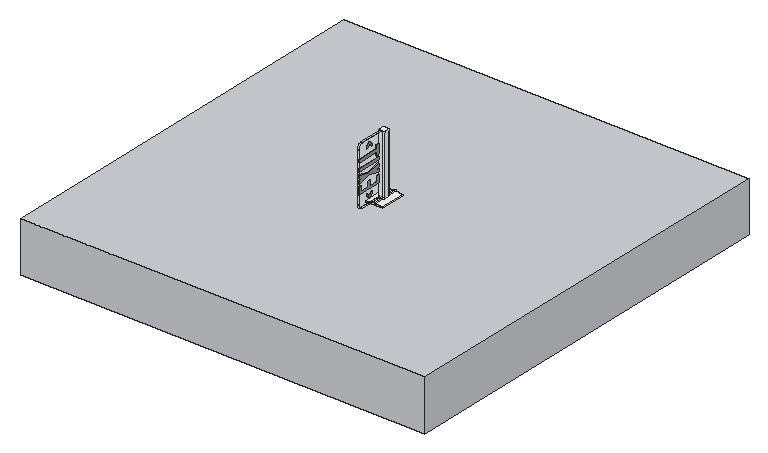
Revit family "LES_E", category Lighting Fixtures, host Face, Revit 2012
Parameters (values of type "LES-E")
  Wattage Comments = "2.2-5 W"
  Wattage = 5 W
  built-in parameter 1150110 = 1 (stored number, unit not read)
  URL = "http://www.dual-lite.com/"
  built-in parameter 1114217 = 1 (stored number, unit not read)
  built-in parameter 1150109 = 1 (stored number, unit not read)
  built-in parameter 1150134 = 3
  built-in parameter 1150113 = 1 (stored number, unit not read)
  Product Page URL = "http://www.dual-lite.com/products/lf_les/"
  Product Documentation Link = "http://www.dual-lite.com/content/products/specs/specs_files/dlt_le_specsht.pdf"
  Mounting = "End Mount"  # constant formula
  Model = "LES"  # constant formula
  Manufacturer Phone = "(864)-678-1000"  # constant formula
  Manufacturer Fax = "(864)-678-1415"  # constant formula
  Manufacturer = "Dual-Lite"  # constant formula
  built-in parameter 1150105 = 59.103 (stored number, unit not read)
  Lumens = 742.71 lm
  built-in parameter 1150115 = 1 (stored number, unit not read)
  Light Source Symbol Size = 0.250"
  built-in parameter 1150137 = (empty or 0)
  built-in parameter 1150139 = (empty or 0)
  Lettering = Red
  built-in parameter 1150112 = 1 (stored number, unit not read)
  built-in parameter 1150114 = 1 (stored number, unit not read)
  Lamp = "LED"  # constant formula
  built-in parameter 1150132 = (empty or 0)
  built-in parameter 1150102 = (empty or 0)
  built-in parameter 1150107 = 3200 (stored number, unit not read)
  built-in parameter 1150138 = (empty or 0)
  built-in parameter 1150106 = 0.59103 (stored number, unit not read)
  Glass = Glass
  Family = "Emergency Lighting"  # constant formula
  Emit from Line Length = 13.000"
  built-in parameter 1150104 = 13.8 (stored number, unit not read)
  Dimming Lamp Color Temperature Shift = <None>
  Description = "Recessed Mounting Architectural Edge-Lit LED Exit Signs"  # constant formula
  Default Elevation = 48.000"
  Color Filter = 16777215
  built-in parameter 1114218 = 1 (stored number, unit not read)
  Backbox = White
  built-in parameter 1150133 = 10 (stored number, unit not read)
Reference planes (in)
  plane 1 "Center (Front/Back)": y = 0.03999
  plane 2: z = 0.06357
  plane 3 "Center (Left/Right)": x = 0
  plane 4: x = -8.375
  plane 5: x = 8.375
  plane 6: z = 7.56357
  plane 7: x = -7
  plane 8: x = 7
  plane 9: z = 0.57048
  plane 10: y = -4.00905
  plane 11: y = -4.00905
  plane 12: x = 0.30306
  plane 13: z = 14.82802
Forms (in)
  Extrusion 1, solid
    sketch origin (0, 0, 0.06357) x (1, 0, 0) y (0, 1, 0)
      loop
        line (-48, 48) -> (-48, -48) -> (48, -48) -> (48, 48) -> (-48, 48)
    from 0 to -12
  Extrusion 2, solid, material "White" <- "Backbox"
    sketch origin (0.41886, 0.05515, 7.82802) x (1, 0, 0) y (0, 1, 0)
      loop
        arc (0.22676, 0.4929) -> (0.16818, 0.63433) -> (0.02676, 0.6929) r 0.2
        line (0.02676, 0.6929) -> (-0.94824, 0.6929)
        arc (-0.94824, 0.6929) -> (-1.08966, 0.63433) -> (-1.14824, 0.4929) r 0.2
        line (-1.14824, 0.4929) -> (-1.14824, -0.72493)
        arc (-1.14824, -0.72493) -> (-1.08966, -0.86635) -> (-0.94824, -0.92493) r 0.2
        line (-0.94824, -0.92493) -> (0.02676, -0.92493)
        arc (0.02676, -0.92493) -> (0.16818, -0.86635) -> (0.22676, -0.72493) r 0.2
        line (0.22676, -0.72493) -> (0.22676, 0.4929)
    from -7.25754 to 7
  Extrusion 3, solid, material "Glass" <- "Glass"
    sketch origin (-0.04188, -7.90395, 7.82802) x (0, 0, -1) y (0, -1, 0)
      loop
        line (-7, -7.152) -> (7, -7.152) -> (7, -1.37754)
        arc (7, -1.37754) -> (6.67609, -0.59556) -> (5.89411, -0.27165) r 1.10589
        arc (5.89411, -0.27165) -> (0, -0.04018) -> (-5.89411, -0.27165) r 75.15963
        arc (-5.89411, -0.27165) -> (-6.67609, -0.59556) -> (-7, -1.37754) r 1.10589
        line (-7, -1.37754) -> (-7, -7.152)
    from 0.25 to -0.25
  Extrusion 4, solid, material "Red" <- "Lettering"
    sketch origin (-0.06692, -9.0572, 7.85241) x (0, 0, -1) y (0, -1, 0)
      loop
        line (3.5363, -7.32353) -> (2.35428, -7.32353) -> (2.35428, -7.82353) -> (4.0363, -7.82353) -> (4.0363, -4.92704) -> (4.0363, -2.03056) -> (2.35428, -2.03056) -> (2.35428, -2.53056) -> (3.5363, -2.53056) -> (3.5363, -4.61247) -> (2.35428, -4.61247) -> (2.35428, -4.92704) -> (2.35428, -5.24161) -> (3.5363, -5.24161) -> (3.5363, -7.32353)
      loop
        line (1.75358, -7.82243) -> (1.08513, -4.92704) -> (1.75358, -2.03165) -> (1.09829, -2.03165) -> (0.81025, -2.82304) -> (0.52221, -2.03165) -> (-0.13308, -2.03165) -> (0.53537, -4.92704) -> (-0.13308, -7.82243) -> (0.52221, -7.82243) -> (0.81025, -7.03104) -> (1.09829, -7.82243) -> (1.75358, -7.82243)
      loop
        line (-0.89572, -7.82353) -> (-0.89572, -2.03165) -> (-1.49555, -2.03165) -> (-1.49555, -7.82353) -> (-0.89572, -7.82353)
      loop
        line (-2.87478, -7.16714) -> (-2.87478, -2.03056) -> (-3.47461, -2.03056) -> (-3.47461, -7.16714) -> (-4.34338, -7.16714) -> (-4.34338, -7.82243) -> (-2.09338, -7.82243) -> (-2.09338, -7.16714) -> (-2.87478, -7.16714)
    from 0.36997 to 0.22497
  Extrusion 5, solid, material "Red"
    sketch origin (0.01307, -0.98536, 8.05425) x (0, 0, -1) y (0, -1, 0)
      loop
        line (-4.97072, 3.79907) -> (-5.7461, 3.02369) -> (-4.97072, 2.24831) -> (-4.58478, 2.24831) -> (-5.36016, 3.02369) -> (-4.58478, 3.79907) -> (-4.97072, 3.79907)
      loop
        line (5.42318, 3.79907) -> (5.03724, 3.79907) -> (5.81262, 3.02369) -> (5.03724, 2.24831) -> (5.42318, 2.24831) -> (6.19856, 3.02369) -> (5.42318, 3.79907)
    from 0.44996 to 0.30495
  Extrusion 6, solid, material "White" <- "Backbox"
    sketch origin (0.03999, 0.00351, 0.10061) x (-1, 0, 0) y (0, 0, -1)
      loop
        line (2.03999, 0.03704) -> (-1.96001, 0.03704) -> (-1.96001, -0.17249) -> (-0.21001, -0.29486) -> (-0.21001, -0.46987) -> (0.28999, -0.46987) -> (0.28999, -0.29713) -> (2.03999, -0.17476) -> (2.03999, 0.03704)
    from -3.0625 to 3.0625
Dimensions and locks (in)
  locked: plane 4 to plane 3 "Center (Left/Right)" at 8.375
  locked: plane 5 to plane 3 "Center (Left/Right)" at 8.375
  plane 4 to plane 7 to plane 3 "Center (Left/Right)" = 1.375", 7.000"
  plane 5 to plane 8 to plane 3 "Center (Left/Right)" = 1.375", 7.000"
  locked: level to Extrusion 2 at 14.76445
  locked: Extrusion 3 to plane 1 "Center (Front/Back)" at 0.79194
  locked: Extrusion 3 to level at 0.76445
  locked: plane 1 "Center (Front/Back)" to Extrusion 4 at 1.77367
  locked: level to Extrusion 4 at 4.25253
  locked: plane 1 "Center (Front/Back)" to Extrusion 5 at 4.82442
  locked: plane 3 "Center (Left/Right)" to Extrusion 6 at 2
  locked: level to Extrusion 6 at 0.50691
  locked: Extrusion 6 sketch curve to Extrusion 6 sketch curve at 0.21128
  locked: Extrusion 6 sketch curve to Extrusion 6 sketch curve at 0.17458
  aligned and locked: plane 2 to Extrusion 1
  aligned and locked: Extrusion 4 sketch curve to Extrusion 4 sketch curve
  aligned and locked: Extrusion 5 sketch curve to plane 10  (x4)
  aligned and locked: plane 11 to Extrusion 5 sketch curve  (x4)
  aligned and locked: Extrusion 5 to Extrusion 3  (x2)
  aligned and locked: Extrusion 5 to Extrusion 4
  aligned and locked: Extrusion 4 to Extrusion 3
  aligned and locked: Extrusion 2 to plane 9
  aligned and locked: plane 13 to Extrusion 2
  aligned and locked: Extrusion 2 to Extrusion 6
  aligned and locked: plane 13 to Extrusion 3
  aligned and locked: Extrusion 6 to level
  aligned and locked: Extrusion 6 sketch curve to level
Connectors (in)
  electrical at (0, 0, 0.06357), driven by "Description"
    settings: index 1, voltage 0 V, apparent load 0 VA, apparent load phase1 0 VA, apparent load phase2 0 VA, apparent load phase3 0 VA, power factor 1, load classification "Other", number of poles 1, system type 30, power factor state 1, is connector primary yes, connector utility no, sub classification motor no, connector description "Recessed Mounting Architectural Edge-Lit LED Exit Signs"
